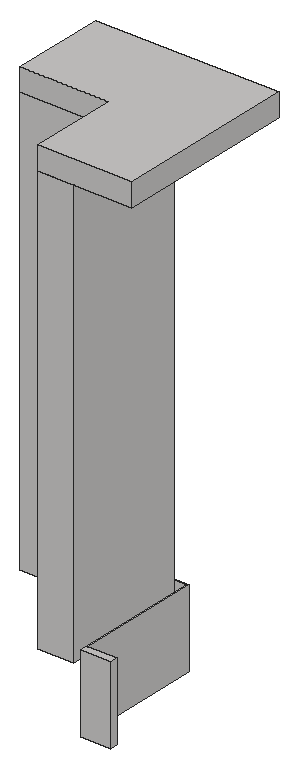
Revit family "Outdoor-Kitchen-Cabinets_Kalamazoo_Corner-Fillers_Signature1", category Specialty Equipment, Revit 2018
Family settings
  Round Connector Dimension = Use Diameter
  Part Type = Normal
  OmniClass Number = 23.40.40.11
  OmniClass Title = Specialized Food Storage and Display Furnishings
  Work Plane-Based = No
  Always vertical = Yes
  Cut with Voids When Loaded = No
  Shared = No
  Room Calculation Point = No
Parameters (values of type "K-CRNRFLR-6X6")
  Ι_Gnrc Mdl Optn 02 = Extension : - 3/4"
  Ι_Gnrc Mdl Optn 01 = Extension : + 3/4"
  Ι_Bttm_Prfl [instance] = if(Height Extension = Ι_Gnrc Mdl Optn 01, 4 1/4" + 3/4", if(Height Extension = Ι_Gnrc Mdl Optn 02, 3 1/2", 4 1/4"))  # 4 1/4"
  Width = 12 3/8"
  Weight (lb) = 20.00 lbf
  URL = "https://kalamazoogourmet.com/products/signature-series/"
  Type Comments = ""
  Product data url = "https://www.bimobject.com/en-us/kalamazoogourmet/product/signature-cabinet-accessories"
  Product Material = Kalamazoo - Stainless Steel - 304 OR 316L
  Model = "K-CRNRFLR-6X6"
  Manufacturer = "Kalamazoo Outdoor Gourmet\r\n"  # constant formula
  Keynote = "11400"
  K-90 = no
  K-45 = no
  Height Extension [instance] = Extension : None
  Height [instance] = 30 1/2" + Ι_Bttm_Prfl  # 34 3/4"
  Front Toe-Kick [instance] = yes
  FLR = not(or([K-45], [K-90]))  # yes
  Description = "Signature 6-Inch Inside Corner Filler"
  Depth = 12 3/8"
  CRNR = 6"
  Back Toe-Kick [instance] = yes
  Assembly Code = "E1090310"
Types (4): name | Width | Weight (lb) | URL | Model | K-90 | K-45 | FLR | Description | Depth | CRNR
  K-45-CRNR | 31 3/4" | 200.00 lbf | "https://kalamazoogourmet.com/products/signature-45-degree-blind-corner-unit/" | "K-45-CRNR" | no | yes | no | "Signature 45-Degree Blind Corner Unit" | 31 3/4" | 2 3/4"
  K-BLND-CRNR-SQR | 36" | 245.00 lbf | "https://kalamazoogourmet.com/products/signature-90-degree-blind-corner-unit/" | "K-BLND-CRNR-SQR" | yes | no | no | "Signature 90-Degree Blind Corner Unit" | 36" | 6"
  K-CRNRFLR-4X4 | 10 3/8" | 20.00 lbf | "https://kalamazoogourmet.com/products/signature-series/" | "K-CRNRFLR-4X4" | no | no | yes | "Signature 4-Inch Inside Corner Filler" | 10 3/8" | 4"
  K-CRNRFLR-6X6 | 12 3/8" | 20.00 lbf | "https://kalamazoogourmet.com/products/signature-series/" | "K-CRNRFLR-6X6" | no | no | yes | "Signature 6-Inch Inside Corner Filler" | 12 3/8" | 6"
Reference planes (in)
  plane 1 "Center (Front/Back)": y = 0
  plane 2: z = 0
  plane 3 "Center (Left/Right)": x = 0
  plane 4: z = 4.25
  plane 5: z = 82.41782
  plane 6: y = -6
  plane 7: y = 6.375
  plane 8: x = -6
  plane 9: x = 6.375
  plane 10: z = 34.75
  plane 11: through (8.72617, 28.85655, 48) normal (0.9239, -0.3826, 0)
  plane 12: through (28.85655, 8.72617, 48) normal (0.3826, -0.9239, 0)
Dimensions and locks (in)
  "Ι_Bttm_Prfl": plane 4 to plane 2
  "Depth": plane 7 to plane 6
  "Width": plane 8 to plane 9
  "Height": plane 10 to plane 2
  "CRNR": plane 6 to plane 1 "Center (Front/Back)"
  "CRNR": plane 8 to plane 3 "Center (Left/Right)"
  aligned and locked: level to plane 2
  aligned and locked: level to nested 2
  aligned and locked: plane 2 to nested 3
  aligned and locked: nested 3 to plane 8
  aligned and locked: nested 3 to plane 6
Nested families (in)
  nested 1: "K-BLND-CRNR-SQR" at (12.00729, -16.661, 0), visible <- "K-90", type "K-BLND-CRNR-SQR"
  nested 2: "K-45-CRNR" at (28.85594, 8.72937, 0) x (0.9239, 0.3827, 0) z (0, 0, 1), visible <- "K-45", type "K-45-CRNR"
  nested 3: "K-CRNRFLR-4x4" at (-6, -0.8125, 0) x (0, -1, 0) z (0, 0, 1), visible <- "FLR", type "K-CRNRFLR-4X4"
    with Height 34 3/4"
Definition of nested family "K-BLND-CRNR-SQR"
  Parameters (values of type "K-BLND-CRNR-SQR")
    URL = ""
    Type Comments = ""
    Product data url = ""
    Product Material = none
    Product Guid = ""
    Model = "K-45-CRNR"
    Manufacturer = "Kalamazoo"  # constant formula
    Keynote = "11400"
    I_K-BLND-CRNR-SQR = yes
    Front Toe-Kick = yes
    Description = ""
    Back Toe-Kick = yes
    Assembly Code = "E1090310"
    A = 4 1/4"
  Reference planes (in)
    plane 1: z = 0
    plane 2 "Center (Left/Right)": x = 0
    plane 3: z = 34.75
    plane 4: z = 4.25
    plane 5 "Center (Front/Back)": y = 46.669
    plane 6: y = 10.67
    plane 7: x = -17.997
    plane 8: x = 17.997
    plane 9: z = 34.25
    plane 10: z = 33.91667
  Forms (in)
    Extrusion 1, solid, material <- "Product Material", visible <- "I_K-BLND-CRNR-SQR"
      sketch origin (0, 0, 0) x (1, 0, 0) y (0, 1, 0)
        loop
          circle (-16.00879, 43.42492) r 0.8125
        loop
          circle (-16.01029, 21.02476) r 0.8125
        loop
          circle (14.76817, 12.6567) r 0.8125
        loop
          circle (-7.64016, 12.65392) r 0.8125
        loop
          circle (14.77054, 43.42681) r 0.8125
      from 0 to 4.25
    Extrusion 2, solid, material <- "Product Material", visible <- "I_K-BLND-CRNR-SQR", detail levels medium+fine
      sketch origin (0, 0, 0) x (1, 0, 0) y (0, 1, 0)
        loop
          line (17.997, 46.669) -> (-17.997, 46.669) -> (-17.997, 16.661) -> (-12.00729, 16.661) -> (-12.00729, 10.67) -> (17.997, 10.67) -> (17.997, 46.669)
        loop
          line (15.949, 44.6162) -> (-15.949, 44.6162) -> (-15.949, 17.77475) -> (-10.89245, 17.77475) -> (-10.89245, 12.718) -> (15.949, 12.718) -> (15.949, 44.6162)
      from 4.25 to 34.75
    Extrusion 3, solid, material <- "Product Material", visible <- "I_K-BLND-CRNR-SQR", detail levels coarse
      sketch origin (0, 0, 0) x (1, 0, 0) y (0, 1, 0)
        loop
          line (17.997, 46.669) -> (-17.997, 46.669) -> (-17.997, 16.661) -> (-12.00729, 16.661) -> (-12.00729, 10.67) -> (17.997, 10.67) -> (17.997, 46.669)
      from 4.25 to 34.75
    Extrusion 4, solid, material <- "Product Material", detail levels medium+fine
      sketch origin (0, 0, 0) x (1, 0, 0) y (0, 1, 0)
        loop
          line (-15.949, 17.77475) -> (-10.89245, 17.77475) -> (-10.89245, 12.718) -> (15.949, 12.718) -> (15.949, 44.6162) -> (-15.949, 44.6162) -> (-15.949, 17.77475)
      from 33.91667 to 34.25
    Extrusion 5, solid, visible <- "Back Toe-Kick"
      sketch origin (0, 0, 0) x (1, 0, 0) y (0, 1, 0)
        loop
          line (-17.49409, 42.809) -> (-17.49409, 44.7502) -> (16.083, 44.7502) -> (16.083, 11.16803) -> (14.14688, 11.16803) -> (14.14688, 10.67) -> (16.1418, 10.67) -> (16.1418, 44.809) -> (-17.997, 44.809) -> (-17.997, 42.809) -> (-17.49409, 42.809)
      from 0 to 4.25
    Extrusion 6, solid, visible <- "Front Toe-Kick"
      sketch origin (0, 0, 0) x (1, 0, 0) y (0, 1, 0)
        loop
          line (-9.027, 19.639) -> (-17.497, 19.639) -> (-17.497, 21.579) -> (-17.996, 21.579) -> (-17.996, 19.579) -> (-9.087, 19.579) -> (-9.087, 10.67) -> (-7.087, 10.67) -> (-7.087, 11.169) -> (-9.027, 11.169) -> (-9.027, 19.639)
      from 0 to 4.25
  Lines and regions (in)
    Masking region 1
      outline origin (0, 0, 0) x (1, 0, 0) y (0, 1, 0)
        loop
          line (-17.997, 46.669) -> (-17.997, 16.661) -> (-12.00729, 16.661) -> (-12.00729, 10.67) -> (17.997, 10.67) -> (17.997, 46.669) -> (-17.997, 46.669)
    symbolic lines, detail levels medium+fine
      curve 1: line (-15.949, 17.77475, 0) -> (-15.949, 44.6162, 0)
      curve 2: line (-15.949, 44.6162, 0) -> (15.949, 44.6162, 0)
      curve 3: line (15.949, 44.6162, 0) -> (15.949, 12.718, 0)
      curve 4: line (15.949, 12.718, 0) -> (-10.89245, 12.718, 0)
      curve 5: line (-10.89245, 12.718, 0) -> (-10.89245, 17.77475, 0)
      curve 6: line (-10.89245, 17.77475, 0) -> (-15.949, 17.77475, 0)
    symbolic lines, detail levels fine
      curve 7: line (15.949, 44.6162, 0) -> (17.997, 46.6642, 0)
      curve 8: line (-12.00729, 16.661, 0) -> (-10.89245, 17.77475, 0)
      curve 9: line (-10.89245, 12.718, 0) -> (-10.89245, 10.67, 0)
      curve 10: line (-15.949, 17.77475, 0) -> (-17.997, 17.77475, 0)
      curve 11: line (15.949, 12.718, 0) -> (17.997, 12.718, 0)
      curve 12: line (-15.949, 44.6162, 0) -> (-15.949, 46.669, 0)
      curve 13: line (11.949, 44.6162, 0) -> (11.949, 46.669, 0)
      curve 14: line (15.949, 40.6162, 0) -> (17.997, 40.6162, 0)
      curve 15: arc (-7.39245, 10.67, 0) -> (-6.64245, 11.42, 0) -> (-5.89245, 10.67, 0) r 0.75
      curve 16: arc (9.92005, 10.67, 0) -> (10.67005, 11.42, 0) -> (11.42005, 10.67, 0) r 0.75
      curve 17: arc (-17.997, 21.13408, 0) -> (-17.247, 21.88408, 0) -> (-17.997, 22.63408, 0) r 0.75
      curve 18: arc (-17.997, 38.63408, 0) -> (-17.247, 39.38408, 0) -> (-17.997, 40.13408, 0) r 0.75
  Dimensions and locks (in)
    level to plane 3 = 34 3/4"
    plane 4 to level = 4 1/4"
    locked: plane 5 "Center (Front/Back)" to plane 6 at 35.999
    equal spacing: plane 7, plane 2 "Center (Left/Right)", plane 8
    plane 7 to plane 8 = 35.994"
    "A": plane 4 to level
    locked: plane 3 to plane 4 at 30.5
    locked: plane 9 to plane 10 at 0.33333
    plane 3 to plane 9 = 1/2"
    aligned and locked: level to plane 1
    aligned and locked: Extrusion 1 to level
    aligned and locked: plane 4 to Extrusion 1
    aligned and locked: Extrusion 2 to plane 4
    aligned and locked: plane 3 to Extrusion 2
    aligned and locked: Extrusion 2 to plane 3  (x2)
    aligned and locked: plane 4 to Extrusion 2  (x2)
    aligned and locked: plane 3 to Extrusion 3
    aligned and locked: Extrusion 3 to plane 3  (x2)
    aligned and locked: Extrusion 3 to plane 4
    aligned and locked: plane 9 to Extrusion 4
    aligned and locked: Extrusion 4 to plane 10
    aligned and locked: plane 4 to Extrusion 6
    aligned and locked: plane 4 to Extrusion 5
  Automatic sketch dimensions
    Extrusion 3 sketch curve to plane 5 "Center (Front/Back)" = 0"
    Extrusion 3 sketch curve to plane 2 "Center (Left/Right)" = 17.997"
    Extrusion 3 sketch curve to Extrusion 3 sketch curve = 5.98971"
    plane 2 "Center (Left/Right)" to Extrusion 3 sketch curve = 17.997"
    Extrusion 3 sketch curve to Extrusion 3 sketch curve = 5.991"
    Extrusion 2 sketch curve to plane 5 "Center (Front/Back)" = 0"
    Extrusion 2 sketch curve to plane 2 "Center (Left/Right)" = 17.997"
    Extrusion 2 sketch curve to Extrusion 2 sketch curve = 2.048"  (x3)
    Extrusion 2 sketch curve to Extrusion 2 sketch curve = 3.94171"
    Extrusion 2 sketch curve to Extrusion 2 sketch curve = 1.11483"
    plane 2 "Center (Left/Right)" to Extrusion 2 sketch curve = 15.949"
    Extrusion 2 sketch curve to Extrusion 2 sketch curve = 3.943"
    Extrusion 2 sketch curve to Extrusion 2 sketch curve = 1.11375"
    Extrusion 2 sketch curve to Extrusion 2 sketch curve = 2.0528"
    Extrusion 2 sketch curve to Extrusion 2 sketch curve = 26.84145"
    Extrusion 3 sketch curve to plane 5 "Center (Front/Back)" = 30.008"
    plane 7 to Extrusion 4 sketch curve = 2.048"
    Extrusion 4 sketch curve to plane 5 "Center (Front/Back)" = 2.0528"
    Extrusion 4 sketch curve to plane 8 = 2.048"
    plane 6 to Extrusion 4 sketch curve = 7.10475"
    plane 6 to Extrusion 4 sketch curve = 2.048"
    Extrusion 4 sketch curve to Extrusion 4 sketch curve = 5.05655"
    Masking region 1 sketch curve to plane 7 = 0"
    Masking region 1 sketch curve to plane 5 "Center (Front/Back)" = 0"
    Masking region 1 sketch curve to plane 8 = 0"
    plane 6 to Masking region 1 sketch curve = 5.991"
    Masking region 1 sketch curve to plane 6 = 0"
    plane 7 to Masking region 1 sketch curve = 5.98971"
    curve 18 to plane 7 = 0"
    curve 17 to plane 7 = 0"
    curve 10 to plane 7 = 0"
    curve 12 to plane 5 "Center (Front/Back)" = 0"
    curve 9 to plane 6 = 0"
    curve 15 to plane 6 = 0"
    curve 16 to plane 6 = 0"
    curve 13 to plane 5 "Center (Front/Back)" = 0"
    curve 7 to plane 8 = 0"
    curve 14 to plane 8 = 0"
    curve 11 to plane 8 = 0"
    plane 7 to curve 12 = 2.048"
    curve 1 to curve 8 = 5.05655"
    curve 9 to curve 15 = 4 1/4"
    curve 16 to plane 8 = 7.32695"
    curve 2 to plane 8 = 2.048"
    plane 6 to curve 5 = 2.048"
    curve 4 to curve 6 = 5.05675"
    curve 10 to curve 17 = 4.10933"
    curve 18 to plane 5 "Center (Front/Back)" = 7.28492"
    curve 2 to plane 5 "Center (Front/Back)" = 2.0528"
    curve 8 to curve 5 = 1.11483"
    curve 15 to curve 15 = 3/4"
    curve 16 to curve 16 = 3/4"
    curve 13 to curve 2 = 4"
    curve 8 to curve 5 = 1.11375"
    curve 17 to curve 17 = 3/4"
    curve 18 to curve 18 = 3/4"
    curve 14 to curve 2 = 4"
    curve 7 to plane 5 "Center (Front/Back)" = 0.0048"
    plane 7 to Extrusion 1 sketch curve = 1.98671"
    plane 7 to Extrusion 1 sketch curve = 1.98821"
    plane 6 to Extrusion 1 sketch curve = 1.98392"
    Extrusion 1 sketch curve to plane 2 "Center (Left/Right)" = 7.64016"
    Extrusion 1 sketch curve to plane 8 = 3.22883"
    Extrusion 1 sketch curve to plane 8 = 3.22646"
    plane 6 to Extrusion 1 sketch curve = 1.98671"
    plane 6 to Extrusion 1 sketch curve = 10.35476"
    Extrusion 1 sketch curve to plane 5 "Center (Front/Back)" = 3.24408"
    Extrusion 1 sketch curve to plane 5 "Center (Front/Back)" = 3 31/128"
    Extrusion 6 sketch curve to plane 6 = 0"
    plane 7 to Extrusion 6 sketch curve = 0.001"
    Extrusion 6 sketch curve to Extrusion 6 sketch curve = 0.499"
    Extrusion 6 sketch curve to Extrusion 6 sketch curve = 8.41"  (x2)
    Extrusion 6 sketch curve to Extrusion 6 sketch curve = 0.06"  (x2)
    plane 6 to Extrusion 6 sketch curve = 0.499"
    Extrusion 6 sketch curve to Extrusion 6 sketch curve = 1.94"  (x2)
    Extrusion 5 sketch curve to plane 7 = 0"
    Extrusion 5 sketch curve to plane 6 = 0"
    Extrusion 5 sketch curve to plane 8 = 3.85012"
    Extrusion 5 sketch curve to plane 8 = 1.914"
    Extrusion 5 sketch curve to Extrusion 5 sketch curve = 0.0588"  (x2)
    plane 6 to Extrusion 5 sketch curve = 0.49803"
    Extrusion 5 sketch curve to plane 5 "Center (Front/Back)" = 3.86"
    Extrusion 5 sketch curve to plane 5 "Center (Front/Back)" = 1.9188"
    plane 7 to Extrusion 5 sketch curve = 0.50291"
    radius of Extrusion 1 sketch curve = 13/16"  (x5)
Definition of nested family "K-45-CRNR"
  Parameters (values of type "K-45-CRNR")
    URL = ""
    Type Comments = ""
    Product data url = ""
    Product Material = none
    Product Guid = ""
    Model = "K-45-CRNR"
    Manufacturer = "Kalamazoo"  # constant formula
    Keynote = "11400"
    I_K-45-CRNR = yes
    Front Toe-Kick = yes
    Description = ""
    Back Toe-Kick = yes
    Assembly Code = "E1090310"
    A = 4 1/4"
  Reference planes (in)
    plane 1 "Center (Front/Back)": y = 0
    plane 2: z = 0
    plane 3 "Center (Left/Right)": x = 0
    plane 4: z = 34.75
    plane 5: z = 4.25
    plane 6: z = 6.25
    plane 7: z = 6.5
    plane 8: x = -30
    plane 9: y = 2.97781
  Forms (in)
    Extrusion 1, solid, material <- "Product Material", visible <- "I_K-45-CRNR", detail levels medium+fine
      sketch origin (0, 0, 0) x (1, 0, 0) y (0, 1, 0)
        loop
          line (-2.85726, 14.22146) -> (-2.85726, 0) -> (0, 0) -> (0, 15.40497) -> (-10.89296, 26.29794) -> (-12.91335, 24.27755) -> (-2.85726, 14.22146)
        loop
          line (-28.38151, 4.54129) -> (-30.51556, 6.67534) -> (-32.10655, 5.08435) -> (-30, 2.97781) -> (-30, 0) -> (-27.75, 0) -> (-27.75, 3.018) -> (-29.9048, 3.018) -> (-28.38151, 4.54129)
      from 4.25 to 34.75
    Extrusion 2, solid, material <- "Product Material", visible <- "I_K-45-CRNR", detail levels coarse
      sketch origin (0, 0, 0) x (1, 0, 0) y (0, 1, 0)
        loop
          line (-30.00024, 0.0005) -> (-0.00024, -0.00015) -> (0.0001, 15.40482) -> (-10.89263, 26.29802) -> (-32.10668, 5.0849) -> (-30.00017, 2.9783) -> (-30.00024, 0.0005)
      from 4.25 to 34.75
    Extrusion 3, solid, material <- "Product Material"
      sketch origin (2.78706, 0.54626, 0) x (1, 0, 0) y (0, 1, 0)
        loop
          circle (-14.57464, 22.06384) r 0.8125
        loop
          circle (-6.02765, 1.45602) r 0.8125
        loop
          circle (-28.34726, 4.27278) r 0.8125
      from 0 to 6.25
    Extrusion 4, solid, material <- "Product Material", detail levels medium+fine
      sketch origin (0, 0, 0) x (1, 0, 0) y (0, 1, 0)
        loop
          line (-12.91327, 24.27747) -> (-30.51586, 6.67565) -> (-28.38151, 4.54129) -> (-10.7793, 22.1435) -> (-12.91327, 24.27747)
        loop
          line (-27.75, 3.018) -> (-27.75, 0) -> (-2.85726, 0) -> (-2.85726, 3.018) -> (-27.75, 3.018)
      from 6.25 to 34.75
    Extrusion 5, solid, material <- "Product Material", detail levels medium+fine
      sketch origin (0, 0, 0) x (1, 0, 0) y (0, 1, 0)
        loop
          line (-29.9048, 3.018) -> (-2.85726, 3.018) -> (-2.85726, 14.22146) -> (-10.7793, 22.1435) -> (-29.9048, 3.018)
      from 6.25 to 6.5
    Extrusion 6, solid, visible <- "Front Toe-Kick"
      sketch origin (0, 0, 0) x (1, 0, 0) y (0, 1, 0)
        loop
          line (-27.60893, 4.7921) -> (-29.646, 6.82917) -> (-28.27416, 8.20101) -> (-28.63229, 8.55913) -> (-30.0465, 7.14492) -> (-27.65973, 4.75815) -> (-27.09501, 3.39471) -> (-27.09501, 0) -> (-25.09295, 0) -> (-25.09295, 0.51886) -> (-27.035, 0.5189) -> (-27.03493, 3.40626) -> (-27.60893, 4.7921)
      from 0 to 6.25
    Extrusion 7, solid, visible <- "Back Toe-Kick"
      sketch origin (-11.01796, 26.17294, 0) x (0.707107, 0.707107, 0) y (-0.707107, 0.707107, 0)
        loop
          line (-1.67997, -0.00009) -> (-3.68064, -0.00009) -> (-3.68064, -0.50026) -> (-1.74068, -0.50026) -> (-1.74067, -14.60018) -> (-11.71074, -24.57026) -> (-13.08254, -23.19846) -> (-13.4491, -23.56502) -> (-12.0291, -24.98502) -> (-1.67997, -14.63589) -> (-1.67997, -0.00009)
      from 0 to 6.25
  Lines and regions (in)
    Masking region 1
      outline origin (0, 0, 0) x (1, 0, 0) y (0, 1, 0)
        loop
          line (-32.10668, 5.0849) -> (-30.00017, 2.9783) -> (-30.00024, 0) -> (-0.00024, 0) -> (0.0001, 15.40482) -> (-10.89263, 26.29802) -> (-32.10668, 5.0849)
    symbolic lines, detail levels medium+fine
      curve 1: line (-29.9048, 3.018, 0) -> (-10.7793, 22.1435, 0)
      curve 2: line (-10.7793, 22.1435, 0) -> (-2.85726, 14.22146, 0)
      curve 3: line (-2.85726, 14.22146, 0) -> (-2.85726, 3.018, 0)
      curve 4: line (-2.85726, 3.018, 0) -> (-29.9048, 3.018, 0)
    symbolic lines, detail levels fine
      curve 5: line (-2.85726, 14.22146, 0) -> (0, 15.40497, 0)
      curve 6: line (-10.7793, 22.1435, 0) -> (-8.75891, 24.16389, 0)
      curve 7: line (-2.85726, 3.018, 0) -> (0, 3.018, 0)
      curve 8: arc (-28.87542, 8.31601, 0) -> (-27.80809, 8.30934, 0) -> (-27.81476, 9.37667, 0) r 0.75006
      curve 9: arc (-15.61686, 21.57395, 0) -> (-14.54953, 21.56728, 0) -> (-14.5562, 22.63461, 0) r 0.75006
      curve 10: arc (-25.75, 0, 0) -> (-25, 0.75, 0) -> (-24.25, 0, 0) r 0.75
      curve 11: arc (-6.75, 0, 0) -> (-6, 0.75, 0) -> (-5.25, 0, 0) r 0.75
  Dimensions and locks (in)
    "A": plane 5 to level
    locked: plane 4 to plane 5 at 30.5
    locked: plane 6 to plane 5 at 2
    locked: plane 7 to plane 6 at 0.25
    aligned and locked: level to plane 2
    aligned and locked: Extrusion 1 to plane 5
    aligned and locked: plane 4 to Extrusion 1
    aligned and locked: plane 4 to Extrusion 2
    aligned and locked: Extrusion 3 to level
    aligned and locked: Extrusion 2 to plane 5
    aligned and locked: plane 6 to Extrusion 3
    aligned and locked: plane 4 to Extrusion 4
    aligned and locked: Extrusion 4 to plane 6
    aligned and locked: Extrusion 5 to plane 6
    aligned and locked: plane 7 to Extrusion 5
    aligned and locked: plane 6 to Extrusion 7
    aligned and locked: plane 6 to Extrusion 6
  Automatic sketch dimensions
    plane 1 "Center (Front/Back)" to curve 10 = 0"
    plane 1 "Center (Front/Back)" to curve 11 = 0"
    curve 7 to plane 3 "Center (Left/Right)" = 0"
    curve 7 to plane 3 "Center (Left/Right)" = 2.85726"
    curve 3 to plane 3 "Center (Left/Right)" = 2.85726"
    curve 11 to curve 3 = 3.14274"
    curve 6 to plane 3 "Center (Left/Right)" = 10.7793"
    curve 9 to curve 1 = 4.3006"
    curve 10 to curve 11 = 19"
    curve 8 to curve 10 = 3.33846"
    curve 1 to plane 1 "Center (Front/Back)" = 3.018"
    curve 1 to curve 10 = 4.9048"
    curve 4 to plane 1 "Center (Front/Back)" = 3.018"
    curve 1 to curve 8 = 5.82171"
    curve 3 to curve 2 = 11.20346"
    curve 2 to curve 9 = 7.8762"
    curve 9 to curve 6 = 0.04585"
    curve 11 to curve 11 = 3/4"
    curve 1 to curve 6 = 2.02039"  (x2)
    curve 9 to curve 9 = 0.5237"  (x2)
    curve 9 to curve 9 = 0.53696"
    curve 10 to curve 10 = 3/4"
    curve 8 to curve 8 = 0.5237"  (x2)
    curve 8 to curve 8 = 0.53696"
    plane 3 "Center (Left/Right)" to curve 5 = 0"
    curve 2 to curve 5 = 1.18352"
    plane 1 "Center (Front/Back)" to Extrusion 1 sketch curve = 0"  (x2)
    Extrusion 1 sketch curve to plane 1 "Center (Front/Back)" = 5.08435"
    Extrusion 1 sketch curve to plane 3 "Center (Left/Right)" = 32.10655"
    Extrusion 1 sketch curve to plane 1 "Center (Front/Back)" = 6.67534"
    Extrusion 1 sketch curve to Extrusion 1 sketch curve = 1.59099"
    Extrusion 1 sketch curve to Extrusion 1 sketch curve = 2.10655"
    Extrusion 1 sketch curve to plane 1 "Center (Front/Back)" = 2.97781"
    Extrusion 1 sketch curve to Extrusion 1 sketch curve = 0"
    Extrusion 1 sketch curve to Extrusion 1 sketch curve = 0.0952"
    Extrusion 1 sketch curve to plane 1 "Center (Front/Back)" = 4.54129"
    Extrusion 1 sketch curve to Extrusion 1 sketch curve = 0.63151"
    Extrusion 1 sketch curve to plane 3 "Center (Left/Right)" = 12.91335"
    Extrusion 1 sketch curve to Extrusion 1 sketch curve = 2.02039"  (x2)
    Extrusion 1 sketch curve to plane 3 "Center (Left/Right)" = 2.85726"  (x2)
    Extrusion 1 sketch curve to plane 3 "Center (Left/Right)" = 0"
    plane 3 "Center (Left/Right)" to Extrusion 1 sketch curve = 0"
    Extrusion 1 sketch curve to Extrusion 1 sketch curve = 1.52329"
    Extrusion 1 sketch curve to Extrusion 1 sketch curve = 0.04019"
    Extrusion 1 sketch curve to plane 1 "Center (Front/Back)" = 14.22146"
    Extrusion 1 sketch curve to Extrusion 1 sketch curve = 1.18352"
    Extrusion 1 sketch curve to Extrusion 1 sketch curve = 10.05609"
    Extrusion 2 sketch curve to plane 1 "Center (Front/Back)" = 5.0849"
    Extrusion 2 sketch curve to plane 3 "Center (Left/Right)" = 32.10668"
    Extrusion 2 sketch curve to plane 1 "Center (Front/Back)" = 0.0005"
    Extrusion 2 sketch curve to Extrusion 2 sketch curve = 2.10644"
    Extrusion 2 sketch curve to plane 1 "Center (Front/Back)" = 2.9783"
    Extrusion 2 sketch curve to Extrusion 2 sketch curve = 0.00006"
    Extrusion 2 sketch curve to plane 3 "Center (Left/Right)" = 10.89263"
    Extrusion 2 sketch curve to plane 3 "Center (Left/Right)" = 0.00024"
    plane 3 "Center (Left/Right)" to Extrusion 2 sketch curve = 0.0001"
    plane 1 "Center (Front/Back)" to Extrusion 2 sketch curve = 0.00015"
    Extrusion 2 sketch curve to plane 1 "Center (Front/Back)" = 15.40482"
    Extrusion 2 sketch curve to Extrusion 2 sketch curve = 10.8932"
    Extrusion 3 sketch curve to plane 1 "Center (Front/Back)" = 4.81904"
    Extrusion 3 sketch curve to plane 3 "Center (Left/Right)" = 25.5602"
    Extrusion 3 sketch curve to plane 3 "Center (Left/Right)" = 11.78758"
    Extrusion 3 sketch curve to plane 1 "Center (Front/Back)" = 2.00229"
    Extrusion 3 sketch curve to plane 3 "Center (Left/Right)" = 3.24059"
    Extrusion 3 sketch curve to Extrusion 3 sketch curve = 17.79105"
    plane 1 "Center (Front/Back)" to Extrusion 4 sketch curve = 0"
    Extrusion 4 sketch curve to plane 1 "Center (Front/Back)" = 6.67565"
    Extrusion 4 sketch curve to plane 3 "Center (Left/Right)" = 30.51586"
    Extrusion 4 sketch curve to plane 1 "Center (Front/Back)" = 4.54129"
    Extrusion 4 sketch curve to Extrusion 4 sketch curve = 2.13435"
    Extrusion 4 sketch curve to Extrusion 4 sketch curve = 0.63151"
    Extrusion 4 sketch curve to plane 3 "Center (Left/Right)" = 12.91327"
    Extrusion 4 sketch curve to Extrusion 4 sketch curve = 2.13397"  (x2)
    Extrusion 4 sketch curve to plane 3 "Center (Left/Right)" = 2.85726"
    Extrusion 4 sketch curve to Extrusion 4 sketch curve = 1.52329"
    Extrusion 4 sketch curve to Extrusion 4 sketch curve = 19.1255"
    Extrusion 5 sketch curve to plane 1 "Center (Front/Back)" = 3.018"
    Extrusion 5 sketch curve to plane 3 "Center (Left/Right)" = 29.9048"
    Extrusion 5 sketch curve to plane 3 "Center (Left/Right)" = 10.7793"
    Extrusion 5 sketch curve to plane 3 "Center (Left/Right)" = 2.85726"  (x2)
    Extrusion 5 sketch curve to Extrusion 5 sketch curve = 11.20346"
    Extrusion 5 sketch curve to Extrusion 5 sketch curve = 7.92204"
    plane 1 "Center (Front/Back)" to Masking region 1 sketch curve = 0"
    Masking region 1 sketch curve to plane 1 "Center (Front/Back)" = 5.0849"
    Masking region 1 sketch curve to plane 3 "Center (Left/Right)" = 32.10668"
    Masking region 1 sketch curve to Masking region 1 sketch curve = 2.10644"
    Masking region 1 sketch curve to plane 1 "Center (Front/Back)" = 2.9783"
    Masking region 1 sketch curve to Masking region 1 sketch curve = 0.00006"
    Masking region 1 sketch curve to plane 3 "Center (Left/Right)" = 10.89263"
    Masking region 1 sketch curve to plane 3 "Center (Left/Right)" = 0.00024"
    plane 3 "Center (Left/Right)" to Masking region 1 sketch curve = 0.0001"
    Masking region 1 sketch curve to plane 1 "Center (Front/Back)" = 15.40482"
    Masking region 1 sketch curve to Masking region 1 sketch curve = 10.8932"
    plane 1 "Center (Front/Back)" to Extrusion 6 sketch curve = 0"
    plane 8 to Extrusion 6 sketch curve = 0.354"
    plane 8 to Extrusion 6 sketch curve = 1.36771"
    Extrusion 6 sketch curve to Extrusion 6 sketch curve = 0.35813"
    plane 9 to Extrusion 6 sketch curve = 0.4169"
    Extrusion 6 sketch curve to Extrusion 6 sketch curve = 0.51392"
    Extrusion 6 sketch curve to plane 1 "Center (Front/Back)" = 0.5189"
    Extrusion 6 sketch curve to Extrusion 6 sketch curve = 0.06001"
    plane 9 to Extrusion 6 sketch curve = 0.42846"
    Extrusion 6 sketch curve to Extrusion 6 sketch curve = 0.06007"
    Extrusion 6 sketch curve to Extrusion 6 sketch curve = 1.94205"
    Extrusion 6 sketch curve to Extrusion 6 sketch curve = 1.39739"
    Extrusion 6 sketch curve to Extrusion 6 sketch curve = 2.03707"
    Extrusion 6 sketch curve to plane 8 = 0.0465"
    plane 9 to Extrusion 6 sketch curve = 1.78034"
    Extrusion 6 sketch curve to Extrusion 6 sketch curve = 0.56472"
    plane 1 "Center (Front/Back)" to Extrusion 7 sketch curve = 0"  (x2)
    plane 3 "Center (Left/Right)" to Extrusion 7 sketch curve = 3.86493"
    Extrusion 7 sketch curve to Extrusion 7 sketch curve = 0.36656"
    Extrusion 7 sketch curve to Extrusion 7 sketch curve = 1.42"
    Extrusion 7 sketch curve to Extrusion 7 sketch curve = 0.31836"
    Extrusion 7 sketch curve to Extrusion 7 sketch curve = 9.4019"
    Extrusion 7 sketch curve to Extrusion 7 sketch curve = 1.93996"
    Extrusion 7 sketch curve to Extrusion 7 sketch curve = 9.97007"
    Extrusion 7 sketch curve to Extrusion 7 sketch curve = 0.0607"  (x2)
    Extrusion 7 sketch curve to Extrusion 7 sketch curve = 0.50016"
    radius of Extrusion 3 sketch curve = 13/16"  (x3)
Definition of nested family "K-CRNRFLR-4x4"
  Parameters (values of type "K-CRNRFLR-4X4")
    Width = 3/4"
    URL = ""
    Type Comments = ""
    Product data url = ""
    Product Material = none
    Product Guid = ""
    Model = "K-CRNRFLR-4X4"
    Manufacturer = "Kalamazoo"  # constant formula
    Keynote = "11400"
    I_K-CRNRFLR-4x4 = yes
    Height = 30 1/2"
    Gap = 6"
    Description = ""
    Depth = 10.37596"
    Back Toe-Kick = yes
    Assembly Code = "E1090310"
  Reference planes (in)
    plane 1 "Center (Front/Back)": y = 0
    plane 2: z = 0
    plane 3: x = -2
    plane 4: y = 12.37596
    plane 5 "Center (Left/Right)": x = 5.1875
    plane 6: x = -7.1875
    plane 7: z = 4.292
    plane 8: z = 30.5
    plane 9: z = 5.9655
    plane 10: x = -0.8125
    plane 11: z = 28.958
    plane 12: x = -3.25
    plane 13: y = 7.18798
    plane 14: y = 6
    plane 15: y = 8.43702
    plane 16: z = 5.25
  Forms (in)
    Extrusion 1, solid, material <- "Product Material"
      sketch origin (0, 0, 0) x (1, 0, 0) y (0, 1, 0)
        loop
          line (-7.1875, 12.37596) -> (-7.1875, 0) -> (-0.8125, 0) -> (-0.8125, 6) -> (5.1875, 6) -> (5.1875, 12.37596) -> (-7.1875, 12.37596)
      from 28.958 to 30.5
    Extrusion 2, solid, material <- "Product Material"
      sketch origin (0, 0, 0) x (1, 0, 0) y (0, 1, 0)
        loop
          line (-3.25, 8.43702) -> (-3.25, 0) -> (-0.8125, 0) -> (-0.8125, 6) -> (5.1875, 6) -> (5.1875, 8.43702) -> (-3.25, 8.43702)
      from 4.292 to 28.958
    Extrusion 3, solid, material <- "Product Material", visible <- "Back Toe-Kick"
      sketch origin (0, 0, 0) x (1, 0, 0) y (0, 1, 0)
        loop
          line (-3.74, 0) -> (-3.74, 8.92702) -> (5.1875, 8.92702) -> (5.1875, 10.92702) -> (4.6875, 10.92702) -> (4.6875, 8.98561) -> (-3.79859, 8.98561) -> (-3.79859, 0.5) -> (-5.74, 0.5) -> (-5.74, 0) -> (-3.74, 0)
      from 0 to 5.25
  Lines and regions (in)
    Masking region 1
      outline origin (0, 0, 0) x (1, 0, 0) y (0, 1, 0)
        loop
          line (-7.1875, 12.37596) -> (-7.1875, 0) -> (-0.8125, 0) -> (-0.8125, 6) -> (5.1875, 6) -> (5.1875, 12.37596) -> (-7.1875, 12.37596)
    symbolic lines, detail levels fine
      curve 1: line (5.1875, 10.92083, 0) -> (4.76767, 10.92083, 0)
      curve 2: line (4.76767, 8.43702, 0) -> (5.1875, 8.43702, 0)
      curve 3: line (4.76767, 10.92083, 0) -> (4.76767, 8.43702, 0)
      curve 4: line (-3.25, 0, 0) -> (-3.25, 0.41983, 0)
      curve 5: line (-5.73381, 0.41983, 0) -> (-5.73381, 0, 0)
      curve 6: line (-3.25, 0.41983, 0) -> (-5.73381, 0.41983, 0)
  Dimensions and locks (in)
    "Height": level to plane 8
    locked: plane 9 to level at 5.9655
    plane 4 to plane 1 "Center (Front/Back)" = 12.37596"
    locked: plane 8 to plane 11 at 1.542
    "Gap": plane 10 to plane 5 "Center (Left/Right)"
    "Gap": plane 14 to plane 1 "Center (Front/Back)"
    locked: plane 4 to plane 14 at 6.37596
    plane 15 to plane 13 to plane 14 = 1.24904" locked, 1.18798" locked
    plane 6 to plane 12 to plane 3 to plane 10 = 3 15/16" locked, 1 1/4" locked, 1 3/16" locked
    locked: curve 1 to plane 15 at 2.48381
    locked: curve 5 to plane 12 at 2.48381
    locked: curve 3 to plane 5 "Center (Left/Right)" at 0.41983
    locked: plane 1 "Center (Front/Back)" to curve 6 at 0.41983
    locked: plane 16 to plane 2 at 5.25
    locked: Extrusion 3 sketch curve to plane 5 "Center (Left/Right)" at 0.5
    Extrusion 3 sketch curve to Extrusion 3 sketch curve to Extrusion 3 sketch curve to plane 15 = 1 241/256" locked, 15/256" locked, 0.49" locked
    locked: plane 1 "Center (Front/Back)" to Extrusion 3 sketch curve at 0.5
    Extrusion 3 sketch curve to Extrusion 3 sketch curve to Extrusion 3 sketch curve to plane 12 = 1 241/256" locked, 15/256" locked, 0.49" locked
    aligned and locked: level to plane 2
    aligned and locked: Extrusion 1 sketch curve to plane 4
    aligned and locked: plane 6 to Extrusion 1 sketch curve
    aligned and locked: plane 5 "Center (Left/Right)" to Extrusion 1 sketch curve
    aligned and locked: plane 1 "Center (Front/Back)" to Extrusion 1 sketch curve
    aligned and locked: plane 8 to Extrusion 1
    aligned and locked: Extrusion 1 to plane 11
    aligned and locked: plane 1 "Center (Front/Back)" to Extrusion 1
    aligned and locked: plane 4 to Extrusion 1
    aligned and locked: Extrusion 1 to plane 8  (x2)
    aligned and locked: Extrusion 2 sketch curve to plane 14
    aligned and locked: plane 10 to Extrusion 2 sketch curve
    aligned and locked: Extrusion 2 sketch curve to plane 15
    aligned and locked: Extrusion 2 sketch curve to plane 12
    aligned and locked: Extrusion 2 sketch curve to plane 5 "Center (Left/Right)"
    aligned and locked: Extrusion 2 sketch curve to plane 1 "Center (Front/Back)"
    aligned and locked: plane 11 to Extrusion 2
    aligned and locked: plane 1 "Center (Front/Back)" to Extrusion 2
    aligned and locked: plane 15 to Extrusion 2
    aligned and locked: Extrusion 1 sketch curve to plane 14
    aligned and locked: Extrusion 1 sketch curve to plane 10
    aligned and locked: plane 4 to Masking region 1 sketch curve
    aligned and locked: plane 5 "Center (Left/Right)" to Masking region 1 sketch curve
    aligned and locked: Masking region 1 sketch curve to plane 14
    aligned and locked: plane 10 to Masking region 1 sketch curve
    aligned and locked: plane 1 "Center (Front/Back)" to Masking region 1 sketch curve
    aligned and locked: Masking region 1 sketch curve to plane 6
    aligned and locked: curve 4 to plane 12
    aligned and locked: curve 2 to plane 15
    aligned and locked: plane 16 to Extrusion 3
    aligned and locked: Extrusion 2 to plane 7
    aligned and locked: plane 5 "Center (Left/Right)" to Extrusion 3 sketch curve
    aligned and locked: Extrusion 3 sketch curve to plane 1 "Center (Front/Back)"
  Automatic sketch dimensions
    curve 4 to curve 4 = 0.41983"
    curve 1 to plane 5 "Center (Left/Right)" = 0"
    curve 2 to plane 5 "Center (Left/Right)" = 0"
    plane 1 "Center (Front/Back)" to curve 5 = 0"
